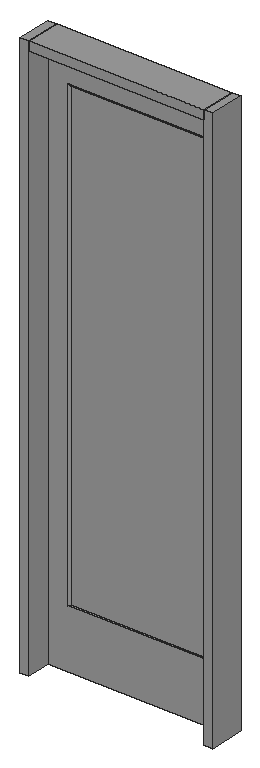
Revit family "Entrance-Doors_Steel_8ft-1-Panel-Flat-Shaker-Embossment-II20W_Taylor-Entrance", category Doors, host Wall, Revit 2026
Family settings
  Host = Wall
  Classification Number = 23.30.10.00
  Always vertical = Yes
  Cut with Voids When Loaded = No
  Shared = No
  Room Calculation Point = No
Parameters (values of type "2' 6" x 8' 0"")
  URL = "https://www.groupenovatech.com/"
  Topmost Embossment Height = 13.0000"
  Middle Embossment Height = 25.5000"
  Thickness = 1.7300"
  Door Width = 29.7500"
  Door Material = Default Wall
  Door Height = 94.9400"
  Top Distance = 5.0000"
  Symbolic Pattern = Door Width  # 29.7500"
  Specification = "https://www.arcat.com/company/taylor-entrance-systems-inc-50999/spec"
  Product Page URL = "https://www.arcat.com/arcatcos/cos50/arc50999.html"
  Frame Thickness = 1.4850"
  Bottom Embossment Height = 79.2200"
  Model = ""
  Manufacturer = "Taylor Entrance Systems"
  Keynote = "08 42 00"
  Function = Interior
  Height = 94.9400"
  Wall Closure = By host
  Width = 29.7500"
  Define Thermal Properties by = Schematic Type
  Copyright = "ARCAT"
  CAD Details = "https://www.arcat.com/company/taylor-entrance-systems-inc-50999/cad"
  C - Distance = 3.3750"
  Bottom Distance = 10.0000"
  B - Distance = 3.3750"
  Analytic Construction = "<None>"
Types (4): name | Middle Embossment Height | Door Width | Door Material | Symbolic Pattern | Width | C - Distance | B - Distance
  2' 6" x 8' 0" | 25.5000" | 29.7500" | Default Wall | 29.7500" | 29.7500" | 3.3750" | 3.3750"
  2' 8" x 8' 0" | 25.3700" | 31.7500" | none | 31.7500" | 31.7500" | 4.3750" | 4.3750"
  2'10" x 8' 0" | 25.3700" | 33.7500" | none | 33.7500" | 33.7500" | 5.3750" | 5.3750"
  3' 0" x 8' 0" | 27.5000" | 35.7500" | none | 35.7500" | 35.7500" | 6.3750" | 6.3750"
Reference planes (in)
  plane 1: y = 0
  plane 2 "Center (Left/Right)": x = 0
  plane 3 "Left": x = -14.875
  plane 4 "Right": x = 14.875
  plane 5: z = 94.94
  plane 6 "Exterior": y = 2.95276
  plane 7 "Interior": y = -2.95276
  plane 8: x = 11.5
  plane 9: x = -11.5
  plane 10: z = 0
  plane 11: z = 79
  plane 12: y = 1.22276
  plane 13: y = 32.70276
  plane 14: x = 16.36
  plane 15: x = -16.36
  plane 16: z = 96.425
  plane 17: z = 10
  plane 18: z = 89.22
Forms (in)
  Extrusion 1, solid, material "Default Wall" <- "Door Material"
    sketch origin (0, 0, 0) x (1, 0, 0) y (0, 1, 0)
      loop
        line (-14.875, 2.95276) -> (-14.875, 1.22276) -> (14.875, 1.22276) -> (14.875, 2.95276) -> (-14.875, 2.95276)
    from 0 to 94.94
  Extrusion 2, solid, material "Default Wall" <- "Door Material"
    sketch origin (0, 0, 0) x (1, 0, 0) y (0, 1, 0)
      loop
        line (-16.36, 2.95276) -> (-16.36, -2.95276) -> (-14.875, -2.95276) -> (-14.875, 2.95276) -> (-16.36, 2.95276)
    from 0 to 96.425
  Extrusion 3, solid, material "Default Wall" <- "Door Material"
    sketch origin (0, 0, 0) x (1, 0, 0) y (0, 1, 0)
      loop
        line (14.875, 2.95276) -> (14.875, -2.95276) -> (16.36, -2.95276) -> (16.36, 2.95276) -> (14.875, 2.95276)
    from 0 to 96.425
  Extrusion 4, solid, material "Default Wall" <- "Door Material"
    sketch origin (0, 0, 0) x (0, 1, 0) y (0, 0, 1)
      loop
        line (2.95276, 96.425) -> (-2.95276, 96.425) -> (-2.95276, 94.94) -> (2.95276, 94.94) -> (2.95276, 96.425)
    from -14.875 to 14.875
  Blend 5, void
    base sketch origin (0, 2.95276, 0) x (1, 0, 0) y (0, 0, 1)
      loop
        line (11.5, 89.22) -> (-11.5, 89.22) -> (-11.5, 10) -> (11.5, 10) -> (11.5, 89.22)
    top sketch origin (0, 2.95276, 0) x (1, 0, 0) y (0, 0, 1)
      loop
        line (11.2604, 88.9804) -> (-11.2604, 88.9804) -> (-11.2604, 10.2396) -> (11.2604, 10.2396) -> (11.2604, 88.9804)
    from 0 to 0.18
  Blend 6, void
    base sketch origin (14.875, 1.22276, 0) x (1, 0, 0) y (0, 0, -1)
      loop
        line (-3.375, -89.22) -> (-3.375, -10) -> (-26.375, -10) -> (-26.375, -89.22) -> (-3.375, -89.22)
    top sketch origin (14.875, 1.22276, 0) x (-1, 0, 0) y (0, 0, -1)
      loop
        line (3.6146, -88.9804) -> (26.1354, -88.9804) -> (26.1354, -10.2396) -> (3.6146, -10.2396) -> (3.6146, -88.9804)
    from 0 to 0.18
Cuts and joins
  Blend 5, Blend 6 cuts Extrusion 1
Lines and regions (in)
  Opening 1
    outline origin (-120.07874, -2.95276, 0) x (1, 0, 0) y (0, 0, 1)
      loop
        line (103.71874, 0) -> (136.43874, 0) -> (136.43874, 96.425) -> (103.71874, 96.425) -> (103.71874, 0)
  symbolic lines, style "DoorsPanelProjection"
    curve 1: line (-14.875, 2.95276, 0) -> (-13.14453, 2.95276, 0)
    curve 2: line (-14.875, 32.70276, 0) -> (-14.875, 2.95276, 0)
    curve 3: line (-13.14453, 32.70276, 0) -> (-14.875, 32.70276, 0)
    curve 4: line (-13.14453, 2.95276, 0) -> (-13.14453, 32.70276, 0)
    curve 5: arc (-14.875, 32.70276, 0) -> (6.16143, 23.98918, 0) -> (14.875, 2.95276, 0) r 29.75
  symbolic lines, style "Elevation Swing"
    curve 6: line (-14.875, -2.95276, 48.2125) -> (14.875, -2.95276, 94.94)
    curve 7: line (-14.875, -2.95276, 47.47) -> (14.875, -2.95276, 0)
  symbolic lines
    curve 8: line (0, 2.95276, 59.1347) -> (0, 2.95276, 63.87)
Text (in)
  text "Exterior" at (-83.64806, 43.28909, 0), in view "Ref. Level"
  text "Exterior" at (0, 63.59764, 145.59372), in view "Left"
  text "Exterior" at (0, 40.78868, 152.55637), in view "Right"
  text "Interior" at (-85.30309, -10.03194, 0), in view "Ref. Level"
Dimensions and locks (in)
  equal spacing: plane 3 "Left", plane 2 "Center (Left/Right)", plane 4 "Right"  (x3)
  plane 3 "Left" to plane 4 "Right" = 29.7500"  (x2)
  "Door Height": host wall to plane 5
  host wall to plane 5 = 94.9400"
  locked: plane 6 "Exterior" to host wall
  locked: plane 7 "Interior" to host wall
  "Thickness": plane 6 "Exterior" to plane 12
  locked: curve 2 to curve 4 at 1.73047
  "Symbolic Pattern": plane 6 "Exterior" to plane 13
  "Door Width": plane 3 "Left" to plane 4 "Right"
  "Frame Thickness": plane 4 "Right" to plane 14
  "Frame Thickness": plane 15 to plane 3 "Left"
  "Frame Thickness": plane 5 to plane 16
  "B - Distance": plane 8 to plane 4 "Right"
  "C - Distance": plane 3 "Left" to plane 9
  locked: Extrusion 2 to Extrusion 4 sketch curve at 1.485
  "Bottom Distance": level to plane 17
  "Bottom Embossment Height": plane 17 to plane 18
  plane 18 to plane 5 = 5.7200"
  locked: Blend 5 sketch curve to plane 8 at 0.2396
  locked: Blend 5 sketch curve to plane 18 at 0.2396
  locked: plane 9 to Blend 5 sketch curve at 0.2396
  locked: plane 17 to Blend 5 sketch curve at 0.2396
  locked: plane 9 to Blend 6 sketch curve at 0.2396
  locked: plane 18 to Blend 6 sketch curve at 0.2396
  locked: plane 8 to Blend 6 sketch curve at 0.2396
  locked: Blend 6 sketch curve to plane 17 at 0.2396
  plane 8 to plane 9 = 23.0000"
  plane 9 to plane 8 = 23.0000"
  aligned and locked: Opening 1 sketch curve to level
  aligned and locked: plane 1 to host wall
  aligned and locked: plane 6 "Exterior" to Extrusion 1 sketch curve
  aligned and locked: plane 12 to Extrusion 1 sketch curve
  aligned and locked: plane 13 to curve 3
  aligned and locked: Extrusion 1 to level
  aligned and locked: Opening 1 sketch curve to plane 15
  aligned and locked: plane 16 to Opening 1 sketch curve
  aligned and locked: plane 14 to Opening 1 sketch curve
  aligned and locked: plane 3 "Left" to Extrusion 2 sketch curve
  aligned and locked: plane 15 to Extrusion 2 sketch curve
  aligned and locked: plane 6 "Exterior" to Extrusion 2 sketch curve
  aligned and locked: Extrusion 2 sketch curve to plane 7 "Interior"
  aligned and locked: plane 16 to Extrusion 2
  aligned and locked: plane 14 to Extrusion 3 sketch curve
  aligned and locked: Extrusion 3 sketch curve to plane 4 "Right"
  aligned and locked: plane 6 "Exterior" to Extrusion 3 sketch curve
  aligned and locked: Extrusion 3 sketch curve to plane 7 "Interior"
  aligned and locked: plane 16 to Extrusion 3
  aligned and locked: Extrusion 4 sketch curve to plane 16
  aligned and locked: plane 6 "Exterior" to Extrusion 4 sketch curve
  aligned and locked: Extrusion 4 sketch curve to plane 7 "Interior"
  aligned and locked: plane 3 "Left" to Extrusion 4
  aligned and locked: Extrusion 4 to plane 4 "Right"
  aligned and locked: plane 18 to Blend 5 sketch curve
  aligned and locked: plane 8 to Blend 5 sketch curve
  aligned and locked: Blend 5 sketch curve to plane 17
  aligned and locked: plane 9 to Blend 5 sketch curve
  aligned and locked: plane 18 to Blend 6 sketch curve
  aligned and locked: plane 8 to Blend 6 sketch curve
  aligned and locked: Blend 6 sketch curve to plane 17
  aligned and locked: plane 9 to Blend 6 sketch curve
Automatic sketch dimensions
  curve 8 to host wall = 0.0000"
  host wall to curve 8 = 0.0000"
  curve 8 to plane 11 = 19.8653"
  curve 8 to curve 8 = 4.7353"
  Extrusion 1 sketch curve to plane 3 "Left" = 0.0000"
  Extrusion 1 sketch curve to plane 4 "Right" = 0.0000"
  curve 1 to host wall = 0.0000"
  curve 1 to plane 3 "Left" = 0.0000"
  curve 5 to host wall = 0.0000"
  plane 3 "Left" to curve 7 = 0.0000"
  plane 3 "Left" to curve 6 = 0.0000"
  curve 7 to level = 0.0000"
  plane 4 "Right" to curve 7 = 0.0000"
  plane 4 "Right" to curve 6 = 0.0000"
  curve 6 to plane 5 = 0.0000"
  curve 7 to plane 11 = 31.5300"
  curve 7 to curve 6 = 0.7425"
